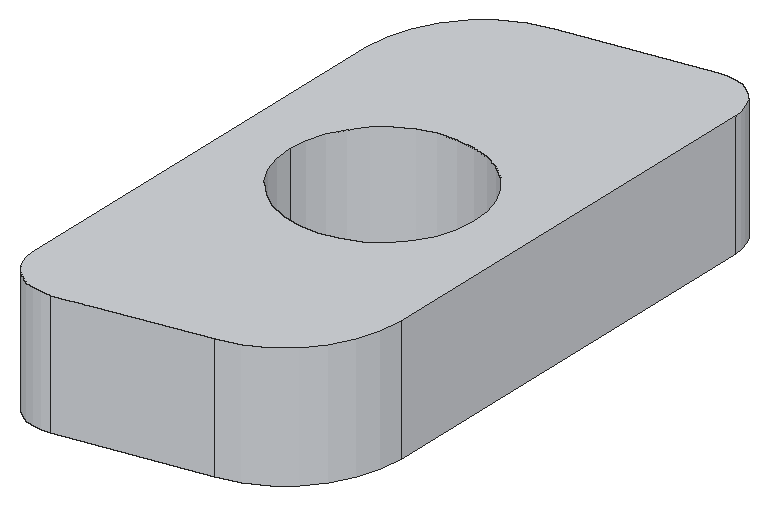
Revit family "Gewindeplatte 40x22", category HLS-Bauteile, Revit 2017
Family settings
  Bemaßung runder Anschluss = Durchmesser verwenden
  Teiletyp = Normal
  Arbeitsebenenbasiert = Ja
  Immer vertikal = Nein
  Beim Laden mit Abzugskörper schneiden = Nein
  Gemeinsam genutzt = Ja
  Raumberechnungspunkt = Nein
Parameters (values of type "Gewindeplatte 40x22 M12")
  vpe = "100 St"
  max. zul. Last XL80 = ""
  max. zul. Last XL100 = ""
  max. zul. Last = 0
  d2 = 6 mm
  Default Elevation = 1219.2 mm
  Stärke Scheibe = ""
  Stärke Material = 0 mm
  Stärke Hammerkopf = ""
  Schienenbreite = ""
  Regelhalter [instance] = ""
  Rabattgruppe = ""
  Profiltyp = "45"
  Profil = "C-Profil"
  Preiseinheit = 0
  Plattentyp = ""
  Oberfläche = ""
  Oberflaeche = "galvanisch verzinkt"
  Nutzlänge = ""
  Mengeneinheiten = ""
  Mengeneinheit = "St"
  Materialname = "S235"
  Material = "Stahl"
  Länge Hammerkopf = ""
  Länge Gewinde = 0 mm
  Länge = 0 mm
  Kurztext2 = "M12 40x22 gvz"
  Kurztext1 = "Gewindeplatte"
  Gewinde = "M12"
  Gewicht = 0.0391
  Form = ""
  Firma = "MEFA Befestigungs- und Montagesysteme GmbH"
  Festigkeitsklasse = ""
  Fabrikat = "MEFA"
  EAN = "4250928417183"
  Durchmesser U-Scheibe = ""
  Deckentyp = ""
  Breite Hammerkopf = ""
  Breite = 0 mm
  Baulänge = ""
  Artikelnummer = "0750123"
  Anzugsmoment XL80 = 0 N·m
  Anzugsmoment XL100 = 0 N·m
  Anzugsmoment = 0
  Abmessung = "40x22 mm"
Reference planes
  plane 1 "Mitte (Vorne/hinten)": y = 0
  plane 2: z = 0
  plane 3 "Mitte (Links/rechts)": x = 0
Forms (mm)
  Extrusion 1, solid
    sketch origin (-17.5, 0, 0) x (1, 0, 0) y (0, 1, 0)
      loop
        line (8, 10.624) -> (8, -16.425)
        arc (8, -16.425) -> (9.072, -18.723) -> (11.521, -19.379) r 3
        line (11.521, -19.379) -> (20.802, -17.743)
        arc (20.802, -17.743) -> (25.245, -15.177) -> (27, -10.357) r 7.5
        line (27, -10.357) -> (27, 16.693)
        arc (27, 16.693) -> (25.928, 18.991) -> (23.479, 19.647) r 3
        line (23.479, 19.647) -> (14.198, 18.011)
        arc (14.198, 18.011) -> (9.755, 15.445) -> (8, 10.624) r 7.5
    from 0 to 8
  Extrusion 2, void
    sketch origin (0, 0, 0) x (1, 0, 0) y (0, 1, 0)
      loop
        circle (0, 0) r 6
    from 0 to 250
Cuts and joins
  Extrusion 2 cuts Extrusion 1
Dimensions and locks
  "d2": radius of Extrusion 2 sketch curve
  aligned and locked: level to plane 2
Automatic sketch dimensions
  Extrusion 1 sketch curve to plane 3 "Mitte (Links/rechts)" = 9.5 mm
  Extrusion 1 sketch curve to Extrusion 1 sketch curve = 3 mm  (x2)
  Extrusion 1 sketch curve to Extrusion 1 sketch curve = 0.521 mm  (x2)
  Extrusion 1 sketch curve to plane 3 "Mitte (Links/rechts)" = 3.302 mm
  Extrusion 1 sketch curve to plane 3 "Mitte (Links/rechts)" = 2 mm
  plane 3 "Mitte (Links/rechts)" to Extrusion 1 sketch curve = 2 mm
  plane 3 "Mitte (Links/rechts)" to Extrusion 1 sketch curve = 3.302 mm
  plane 3 "Mitte (Links/rechts)" to Extrusion 1 sketch curve = 5.979 mm
  plane 1 "Mitte (Vorne/hinten)" to Extrusion 1 sketch curve = 19.379 mm
  Extrusion 1 sketch curve to Extrusion 1 sketch curve = 1.637 mm
  Extrusion 1 sketch curve to plane 1 "Mitte (Vorne/hinten)" = 10.624 mm
  Extrusion 1 sketch curve to Extrusion 1 sketch curve = 6.068 mm
  plane 1 "Mitte (Vorne/hinten)" to Extrusion 2 sketch curve = 0 mm
  Extrusion 2 sketch curve to plane 3 "Mitte (Links/rechts)" = 0 mm
